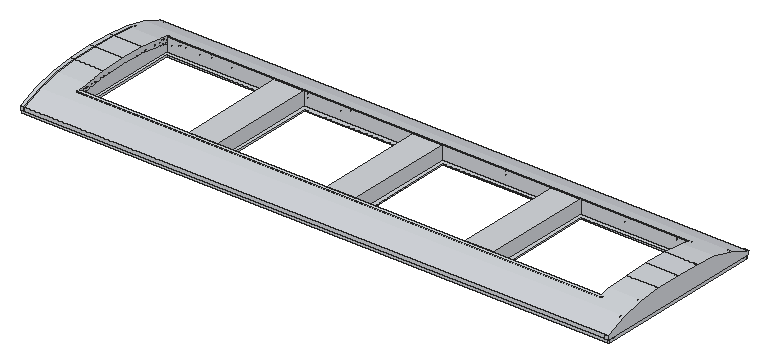
Revit family "Gira_021481", category Electrical Fixtures, host Face, Revit 2017
Family settings
  Host = Face
  Maintain Annotation Orientation = No
  Round Connector Dimension = Use Diameter
  Part Type = Normal
  Cut with Voids When Loaded = No
  Shared = No
  Room Calculation Point = No
Parameters (values of type "Abdeckrahmen 4f Zwischenr. F Alu Gira Event Anthrazit")
  Werkstoffgüte = "Thermoplast"
  Werkstoff = "Kunststoff"
  URL = "http://katalog.gira.de/de_DE/datenblatt.html?artikelnr=021481"
  Transparent = "No"
  Textfeld/Beschriftungsfläche = "No"
  Schutzart (IP) = "IP20"
  Region = "DE"
  Oberfläche = "sonstige"
  Name = "Abdeckrahmen 4f Zwischenr. F Alu Gira Event Anthrazit"
  Montagerichtung = "horizontal und vertikal"
  Mit Montagerahmen = "No"
  Mit Klappdeckel = "No"
  Manufacturer URL = "https://www.gira.de/"
  Keynote = "Event_Rahmen_4fach"
  HeinzeBIM = "https://bimportal.heinze.de/bim/abdeckrahmen-4f-zwischenr-f-alu-gira-event-anthrazit/7f553d6e34e52bbea9c86c32de6e1b8b1a766fe1"
  Halogenfrei = "Yes"
  HAN = "021481"
  Geeignet für Unterputz-Installation = "Yes"
  Geeignet für Unterflurkanaldose = "No"
  Geeignet für Geräteeinbaukanal = "No"
  Geeignet für Einbauinstallation = "No"
  GTIN = "4010337214816"
  Farbe = "anthrazit"
  Default Elevation = 1219.2 mm
  Data sheet (1) = "https://katalog.gira.de/de_DE/download.html?artikelnr=021481"
  Category = "Abdeckrahmen"
  Befestigungsart = "Klemmbefestigung"
  Available = "Yes"
  Anzahl der Einheiten vertikal = "4 "
  Anzahl der Einheiten horizontal = "4 "
  Anzahl der Einheiten = "4 "
Reference planes
  plane 1 "Center (Front/Back)": y = 0
  plane 2: z = 0
  plane 3 "Center (Left/Right)": x = 0
Forms (mm)
  Extrusion 1, solid, detail levels fine
    sketch origin (0, 0, 0.05) x (0, 1, 0) y (0, 0, 1)
      loop
        arc (12.445, 9.683) -> (6.223, 9.833) -> (0, 9.85) r 291.636
        arc (0, 9.85) -> (-6.223, 9.833) -> (-12.445, 9.683) r 291.636
        arc (-12.445, 9.683) -> (-29.14, 7.482) -> (-45, 1.823) r 79.728
        line (-45, 1.823) -> (-45, -0.05) -> (-42.086, -0.05)
        arc (-42.086, -0.05) -> (-21.385, 5.559) -> (0, 7.206) r 114.424
        arc (0, 7.206) -> (21.385, 5.559) -> (42.086, -0.05) r 114.424
        line (42.086, -0.05) -> (45, -0.05) -> (45, 1.823)
        arc (45, 1.823) -> (29.14, 7.482) -> (12.445, 9.683) r 79.728
    from -151.95 to 151.935
  Extrusion 2, void, detail levels fine
    sketch origin (0, 0, 0) x (1, 0, 0) y (0, 1, 0)
      loop
        line (134.95, 28.035) -> (-134.95, 28.035) -> (-134.95, -28.035) -> (134.95, -28.035) -> (134.95, 28.035)
    from 0.724 to 11
  Extrusion 3, solid, detail levels coarse
    sketch origin (0, 0, 0) x (1, 0, 0) y (0, 1, 0)
      loop
        line (-151.95, 45) -> (-151.95, -45) -> (151.935, -45) -> (151.935, 45) -> (-151.95, 45)
    from -1.5 to 9.9
  Extrusion 4, solid, detail levels medium
    sketch origin (0, 0, 0.05) x (0, 1, 0) y (0, 0, 1)
      loop
        arc (12.445, 9.683) -> (6.223, 9.833) -> (0, 9.85) r 291.636
        arc (0, 9.85) -> (-6.223, 9.833) -> (-12.445, 9.683) r 291.636
        arc (-12.445, 9.683) -> (-29.14, 7.482) -> (-45, 1.823) r 79.728
        line (-45, 1.823) -> (-45, -0.05) -> (45, -0.05) -> (45, 1.823)
        arc (45, 1.823) -> (29.14, 7.482) -> (12.445, 9.683) r 79.728
    from -151.95 to 151.935
  Extrusion 5, solid, detail levels fine
    sketch origin (-106.95, 0, -1.5) x (0, 1, 0) y (0, 0, -1)
      loop
        line (45, -3.373) -> (45, -1.5) -> (-45, -1.5) -> (-45, -3.373)
        arc (-45, -3.373) -> (-29.14, -9.032) -> (-12.445, -11.233) r 79.728
        arc (-12.445, -11.233) -> (-6.223, -11.383) -> (0, -11.4) r 291.636
        arc (0, -11.4) -> (6.223, -11.383) -> (12.445, -11.233) r 291.636
        arc (12.445, -11.233) -> (29.14, -9.032) -> (45, -3.373) r 79.728
    from 43 to 45
  Extrusion 6, solid, detail levels fine
    sketch origin (0, 0, 0) x (1, 0, 0) y (0, 1, 0)
      loop
        line (-132.85, 25.7) -> (-132.85, -25.7) -> (-81.05, -25.7) -> (-81.05, 25.7) -> (-132.85, 25.7)
      loop
        line (-9.755, -25.7) -> (-9.755, 25.7) -> (-61.555, 25.7) -> (-61.555, -25.7) -> (-9.755, -25.7)
      loop
        line (-135.845, 28.49) -> (-135.845, -28.495)
        spline (-135.845, -28.495) -> (-135.836, -28.625) -> (-135.811, -28.754) -> (-135.769, -28.878) -> (-135.711, -28.995) -> (-135.638, -29.104) -> (-135.552, -29.202) -> (-135.454, -29.288) -> (-135.345, -29.361) -> (-135.228, -29.419) -> (-135.104, -29.461) -> (-134.975, -29.486) -> (-134.845, -29.495)
        line (-134.845, -29.495) -> (134.845, -29.495)
        spline (134.845, -29.495) -> (134.975, -29.486) -> (135.104, -29.461) -> (135.228, -29.419) -> (135.345, -29.361) -> (135.454, -29.288) -> (135.552, -29.202) -> (135.638, -29.104) -> (135.711, -28.995) -> (135.769, -28.878) -> (135.811, -28.754) -> (135.836, -28.625) -> (135.845, -28.495)
        line (135.845, -28.495) -> (135.845, 28.49)
        spline (135.845, 28.49) -> (135.836, 28.62) -> (135.811, 28.748) -> (135.769, 28.872) -> (135.711, 28.99) -> (135.638, 29.098) -> (135.552, 29.197) -> (135.454, 29.283) -> (135.345, 29.356) -> (135.228, 29.413) -> (135.104, 29.456) -> (134.975, 29.481) -> (134.845, 29.49)
        line (134.845, 29.49) -> (-134.845, 29.49)
        spline (-134.845, 29.49) -> (-134.975, 29.481) -> (-135.104, 29.456) -> (-135.228, 29.413) -> (-135.345, 29.356) -> (-135.454, 29.283) -> (-135.552, 29.197) -> (-135.638, 29.098) -> (-135.711, 28.99) -> (-135.769, 28.872) -> (-135.811, 28.748) -> (-135.836, 28.62) -> (-135.845, 28.49)
      loop
        line (61.545, -25.7) -> (61.545, 25.7) -> (9.745, 25.7) -> (9.745, -25.7) -> (61.545, -25.7)
      loop
        line (132.85, -25.7) -> (132.85, 25.7) -> (81.05, 25.7) -> (81.05, -25.7) -> (132.85, -25.7)
    from 0.1 to 7.3
  Extrusion 7, solid
    sketch origin (0, 0, 0) x (1, 0, 0) y (0, 1, 0)
      loop
        arc (-151.65, -44.218) -> (-151.504, -44.572) -> (-151.15, -44.718) r 0.5
        line (-151.15, -44.718) -> (151.15, -44.718)
        arc (151.15, -44.718) -> (151.504, -44.572) -> (151.65, -44.218) r 0.5
        line (151.65, -44.218) -> (151.65, 44.182)
        arc (151.65, 44.182) -> (151.504, 44.535) -> (151.15, 44.682) r 0.5
        line (151.15, 44.682) -> (-151.15, 44.682)
        arc (-151.15, 44.682) -> (-151.504, 44.535) -> (-151.65, 44.182) r 0.5
        line (-151.65, 44.182) -> (-151.65, -44.218)
      loop
        line (-149.95, 42.982) -> (-149.95, -43.018) -> (149.95, -43.018) -> (149.95, 42.982) -> (-149.95, 42.982)
    from -1.5 to 0.5
  Extrusion 8, solid, detail levels fine
    sketch origin (106.935, 0, -1.5) x (0, 1, 0) y (0, 0, 1)
      loop
        arc (45, 3.373) -> (29.14, 9.032) -> (12.445, 11.233) r 79.728
        arc (12.445, 11.233) -> (6.223, 11.383) -> (0, 11.4) r 291.636
        arc (0, 11.4) -> (-6.223, 11.383) -> (-12.445, 11.233) r 291.636
        arc (-12.445, 11.233) -> (-29.14, 9.032) -> (-45, 3.373) r 79.728
        line (-45, 3.373) -> (-45, 1.5) -> (45, 1.5) -> (45, 3.373)
    from 43 to 45
  Extrusion 9, solid, detail levels medium
    sketch origin (0, 0, 0) x (1, 0, 0) y (0, 1, 0)
      loop
        line (-151.65, -44.718) -> (151.65, -44.718) -> (151.65, 44.682) -> (-151.65, 44.682) -> (-151.65, -44.718)
    from -1.5 to 0.5
  Extrusion 10, solid, detail levels fine
    sketch origin (-69.857, 0, 0) x (1, 0, 0) y (0, 1, 0)
      loop
        line (-8.943, 28.063) -> (-8.943, -27.937) -> (6.057, -27.937) -> (6.057, 28.063) -> (-8.943, 28.063)
    from 0.724 to 7.566
  Extrusion 11, solid, detail levels fine
    sketch origin (-1.443, 0, 0) x (-1, 0, 0) y (0, -1, 0)
      loop
        line (-8.943, -28.063) -> (6.057, -28.063) -> (6.057, 27.937) -> (-8.943, 27.937) -> (-8.943, -28.063)
    from 0.724 to 7.566
  Extrusion 12, solid, detail levels fine
    sketch origin (69.857, 0, 0) x (-1, 0, 0) y (0, -1, 0)
      loop
        line (-8.943, -28.063) -> (6.057, -28.063) -> (6.057, 27.937) -> (-8.943, 27.937) -> (-8.943, -28.063)
    from 0.724 to 7.566
Cuts and joins
  Extrusion 2 cuts Extrusion 1
  Extrusion 2 cuts Extrusion 6
Dimensions and locks
  aligned and locked: plane 2 to host face
  aligned and locked: level to host face
